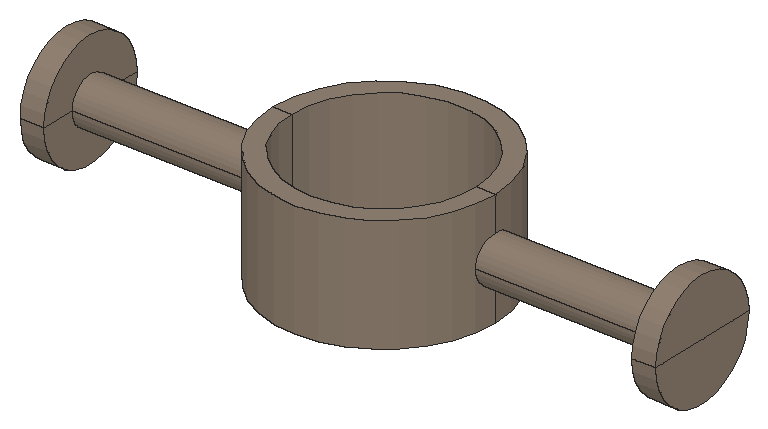
Revit family "Reece_Accessory_Milli_Mood Edit_Robe Hook", category Plumbing Fixtures, Revit 2018
Family settings
  Round Connector Dimension = Use Diameter
  Part Type = Normal
  Work Plane-Based = Yes
  Always vertical = Yes
  Cut with Voids When Loaded = Yes
  Shared = Yes
  Room Calculation Point = Yes
Parameters (values of type "PVD Brushed Bronze")
  URL = "https://www.reece.com.au/product/-2020379"
  Type Comments = "Accessory"
  Reece_Product_Web Page = "https://www.reece.com.au/product/-2020379"
  Reece_Product_Type = "Accessory"  # constant formula
  Reece_Product_Sub Brand = "Mood Edit"  # constant formula
  Reece_Product_Number = "2020379"
  Reece_Product_Mount = ""
  Reece_Product_Description = "Milli Mood Edit Vertical Heated Towel Rail Robe Hook PVD Brushed Bronze"
  Reece_Product_Brand = "Milli\r\n"  # constant formula
  Reece_Overall_Width = 138 mm  # constant formula
  Reece_Overall_Projection = 95 mm  # constant formula
  Reece_Overall_Height = 25 mm  # constant formula
  Reece_Material_Main = Reece_PVD_Brushed Bronze
  Reece_Height_From_Level = 0 mm
  Reece_Detail_Shape = ""
  Reece_Detail_Installation = ""
  Reece_Detail_Disclaimer = "THIS FILE IS THE PROPERTY OF THE REECE GROUP. IT MAY NOT BE REPRODUCED, REVERSE-ENGINEERED OR MODIFIED. ANY REPUBLICATION, TRANSMISSION OR DISTRIBUTION FOR THE PURPOSE OF COMMERCIALLY EXPLOITING THE FILES IS PROHIBITED."  # constant formula
  Reece_Detail_Connector = "Electrical input required. Refer to the product web page for further details."  # constant formula
  Reece_Detail_Additional = ""
  Model = "Mood Edit"
  Manufacturer = "Milli\r\n"
  Keynote = "Product #2020379, Reece_Accessory_Milli_Mood Edit_Robe Hook - PVD Brushed Bronze"
  Disclaimer = "THIS FILE IS THE PROPERTY OF THE REECE GROUP. IT MAY NOT BE REPRODUCED, REVERSE-ENGINEERED OR MODIFIED. ANY REPUBLICATION, TRANSMISSION OR DISTRIBUTION FOR THE PURPOSE OF COMMERCIALLY EXPLOITING THE FILES IS PROHIBITED."  # constant formula
  Description = "Milli Mood Edit Vertical Heated Towel Rail Robe Hook PVD Brushed Bronze"
  Default Elevation = 0 mm
Types (6, lengths in mm): name | URL | Reece_Product_Web Page | Reece_Product_Number | Reece_Product_Mount | Reece_Product_Description | Reece_Material_Main | Keynote | Description
  Brushed Nickel | "https://www.reece.com.au/product/-2299142" | "https://www.reece.com.au/product/-2299142" | "2299142" | "Wall Mounted" | "Milli Mood Edit Vertical Heated Towel Rail Robe Hook Brushed Nickel" | Reece_Brass_Brushed Nickel | "Product #2299142, Reece_Accessory_Milli_Mood Edit_Robe Hook - Brushed Nickel" | "Milli Mood Edit Vertical Heated Towel Rail Robe Hook Brushed Nickel"
  Chrome | "https://www.reece.com.au/product/-2299141" | "https://www.reece.com.au/product/-2299141" | "2299141" | "Wall Mounted" | "Milli Mood Edit Vertical Heated Towel Rail Robe Hook Chrome" | Reece_Brass_Chrome | "Product #2299141, Reece_Accessory_Milli_Mood Edit_Robe Hook - Chrome" | "Milli Mood Edit Vertical Heated Towel Rail Robe Hook Chrome"
  Matte Black | "https://www.reece.com.au/product/-2299145" | "https://www.reece.com.au/product/-2299145" | "2299145" | "Wall Mounted" | "Milli Mood Edit Vertical Heated Towel Rail Robe Hook Matte Black" | Reece_Brass_Matte Black | "Product #2299145, Reece_Accessory_Milli_Mood Edit_Robe Hook - Matte Black" | "Milli Mood Edit Vertical Heated Towel Rail Robe Hook Matte Black"
  PVD Brushed Bronze | "https://www.reece.com.au/product/-2020379" | "https://www.reece.com.au/product/-2020379" | "2020379" | "" | "Milli Mood Edit Vertical Heated Towel Rail Robe Hook PVD Brushed Bronze" | Reece_PVD_Brushed Bronze | "Product #2020379, Reece_Accessory_Milli_Mood Edit_Robe Hook - PVD Brushed Bronze" | "Milli Mood Edit Vertical Heated Towel Rail Robe Hook PVD Brushed Bronze"
  PVD Brushed Gold | "https://www.reece.com.au/product/-2020373" | "https://www.reece.com.au/product/-2020373" | "2020373" | "" | "Milli Mood Edit Vertical Heated Towel Rail Robe Hook PVD Brushed Gold" | Reece_PVD_Brushed Gold | "Product #2020373, Reece_Accessory_Milli_Mood Edit_Robe Hook - PVD Brushed Gold" | "Milli Mood Edit Vertical Heated Towel Rail Robe Hook PVD Brushed Gold"
  PVD Brushed Gunmetal | "https://www.reece.com.au/product/-2020376" | "https://www.reece.com.au/product/-2020376" | "2020376" | "" | "Milli Mood Edit Vertical Heated Towel Rail Robe Hook PVD Brushed Gunmetal" | Reece_PVD_Brushed Gunmetal | "Product #2020376, Reece_Accessory_Milli_Mood Edit_Robe Hook - PVD Brushed Gunmetal" | "Milli Mood Edit Vertical Heated Towel Rail Robe Hook PVD Brushed Gunmetal"
Reference planes
  plane 1 "Center (Front/Back)": y = 0
  plane 2 "Bottom Host Plane": z = -4.531
  plane 3 "Center (Left/Right)": x = 0
  plane 4: y = 12.542
  plane 5: y = -12.458
  plane 6: y = 24.231
  plane 7: y = -24.238
  plane 8: z = 25
  plane 9: z = 12.5
  plane 10 "Height From Floor": z = 0
  plane 11: x = 69
  plane 12: x = -69
  plane 13: x = 24.213
  plane 14: x = -24.213
  plane 15: x = -20.094
  plane 16: x = 20
Forms (mm)
  Revolve 1, solid, material "Reece_PVD_Brushed Bronze" <- "Reece_Material_Main"
    sketch origin (4267.2, 32.083, 12.5) x (1, 0, 0) y (0, 1, 0)
      loop
        line (-4198.2, -19.541) -> (-4203.343, -19.541) -> (-4203.343, -27.047) -> (-4244.171, -27.047) -> (-4244.171, -32.083) -> (-4198.2, -32.083) -> (-4198.2, -19.541)
      axis (-4244.171, -32.083) -> (-4198.2, -32.083)
    angle from 0 to 360
  Revolve 2, solid, material "Reece_PVD_Brushed Bronze" <- "Reece_Material_Main"
    sketch origin (-4267.2, 32.083, 12.5) x (1, 0, 0) y (0, 1, 0)
      loop
        line (4198.2, -19.541) -> (4198.2, -32.083) -> (4245.848, -32.083) -> (4245.848, -27.047) -> (4203.343, -27.047) -> (4203.343, -19.541) -> (4198.2, -19.541)
      axis (4245.848, -32.083) -> (4198.2, -32.083)
    angle from 0 to 360
  Revolve 3, solid, material "Reece_PVD_Brushed Bronze" <- "Reece_Material_Main"
    sketch origin (0, 0, 0) x (1, 0, 0) y (0, 0, 1)
      loop
        line (-20.094, 25) -> (-24.213, 25) -> (-24.213, 0) -> (-20.094, 0) -> (-20.094, 25)
      axis (0, 25) -> (0, 0)
    angle from 0 to 360
Cuts and joins
  joined: Revolve 1, Revolve 2, Revolve 3
Lines and regions (mm)
  model lines, style "InvisibleLines"
    curve 1: line (0, 0, -4.531) -> (0, 0, 0)
Text (mm)
  text "Reece ©" at (2687.075, -2613.576, 2716.161), in view "Reece Preview"
  text "Reece Copyright © 2018, Reece Ltd." at (90.059, -76.828, 0), in view "Ref. Level"
Dimensions and locks
  locked: plane 2 "Bottom Host Plane" to level at 4.531
  "Reece_Height_From_Level": level to plane 10 "Height From Floor"
  "Reece_Overall_Height": plane 10 "Height From Floor" to plane 8
  equal spacing: plane 10 "Height From Floor", plane 9, plane 8
  plane 7 to plane 6 = 48.469 mm  (x2)
  plane 5 to plane 4 = 25 mm  (x2)
  plane 10 "Height From Floor" to plane 8 = 25 mm  (x2)
  plane 4 to plane 5 = 25 mm
  plane 6 to plane 7 = 48.469 mm
  plane 14 to plane 13 = 48.427 mm  (x3)
  plane 15 to plane 16 = 40.094 mm  (x2)
  plane 12 to plane 14 = 44.787 mm  (x2)
  plane 13 to plane 11 = 44.787 mm  (x2)
  plane 12 to plane 11 = 138 mm
  plane 11 to plane 12 = 138 mm
  "Reece_Overall_Width": plane 12 to plane 11
  aligned and locked: plane 3 "Center (Left/Right)" to Revolve 3 sketch curve
  aligned and locked: plane 10 "Height From Floor" to Revolve 3 sketch curve
  aligned and locked: Revolve 3 sketch curve to plane 8
  aligned and locked: curve 1 to plane 3 "Center (Left/Right)"
  aligned and locked: plane 10 "Height From Floor" to curve 1
  aligned and locked: plane 2 "Bottom Host Plane" to curve 1
Automatic sketch dimensions
  plane 1 "Center (Front/Back)" to Revolve 1 sketch curve = 0 mm  (x2)
  Revolve 1 sketch curve to plane 3 "Center (Left/Right)" = 0 mm
  plane 4 to Revolve 1 sketch curve = 0 mm
  Revolve 1 sketch curve to plane 11 = 0 mm
  plane 13 to Revolve 1 sketch curve = 1.184 mm
  plane 11 to Revolve 1 sketch curve = 5.143 mm
  Revolve 1 sketch curve to plane 1 "Center (Front/Back)" = 5.036 mm
  Revolve 1 sketch curve to Revolve 1 sketch curve = 96 mm
  Revolve 2 sketch curve to plane 1 "Center (Front/Back)" = 0 mm
  plane 1 "Center (Front/Back)" to Revolve 2 sketch curve = 0 mm
  Revolve 2 sketch curve to plane 12 = 0 mm
  plane 4 to Revolve 2 sketch curve = 0 mm
  Revolve 2 sketch curve to plane 3 "Center (Left/Right)" = 0 mm
  plane 12 to Revolve 2 sketch curve = 5.143 mm
  plane 15 to Revolve 2 sketch curve = 1.259 mm
  Revolve 2 sketch curve to plane 1 "Center (Front/Back)" = 5.036 mm
  Revolve 2 sketch curve to plane 12 = 96 mm
  plane 14 to Revolve 3 sketch curve = 0 mm
  plane 15 to Revolve 3 sketch curve = 0 mm
  Revolve 3 sketch curve to plane 2 "Bottom Host Plane" = 2.892 mm
  plane 8 to Revolve 3 sketch curve = 4.166 mm
